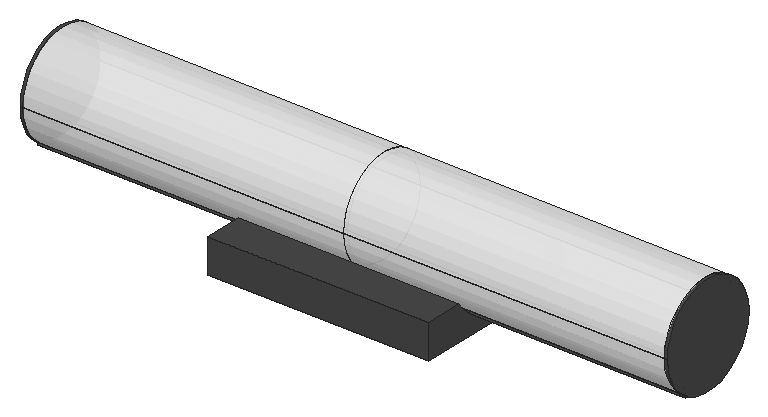
Revit family "3-5011-xx - Fugit (Vanity)", category Lighting Fixtures, host Face, Revit 2017
Family settings
  Host = Face
  Round Connector Dimension = Use Diameter
  Part Type = Normal
  Cut with Voids When Loaded = No
  Light Source = Yes
  Shared = No
  Room Calculation Point = No
Parameters (values of type "3-5011-15 - Fugit")
  Wattage Comments = "15.0 W at 120 V"  # constant formula
  Wattage = 15 W
  built-in parameter 1150110 = 1 (stored number, unit not read)
  Voltage Input [instance] = "120 V or 277 V - 50/60 Hz"  # constant formula
  URL = "www.oxygenlighting.com"
  built-in parameter 1114217 = 1 (stored number, unit not read)
  Tilt Angle = 180.00°  # constant formula
  built-in parameter 1150109 = 1 (stored number, unit not read)
  built-in parameter 1150134 = (empty or 0)
  built-in parameter 1150113 = 1 (stored number, unit not read)
  References [instance] = "Ref. 3 = 120 V / Ref. 37 = 277 V"  # constant formula
  Photometric Web File = "3-5011 Fugit.ies"
  Other 2 = none
  Other 1 = none
  Model = "3-5011-XX - Fugit"  # constant formula
  Metal Finish = 15 - Black
  Manufacturer = "Oxygen - Lighting & Fans"  # constant formula
  Main Diffuser = Matte White Acrylic
  built-in parameter 1150105 = 84.511 (stored number, unit not read)
  Lumens = 1062 lm
  built-in parameter 1150115 = 1 (stored number, unit not read)
  built-in parameter 1150137 = (empty or 0)
  built-in parameter 1150139 = (empty or 0)
  built-in parameter 1150112 = 1 (stored number, unit not read)
  built-in parameter 1150114 = 1 (stored number, unit not read)
  Lamp = "LED Array"  # constant formula
  built-in parameter 1150132 = (empty or 0)
  built-in parameter 1150102 = (empty or 0)
  built-in parameter 1150107 = 3000 (stored number, unit not read)
  built-in parameter 1150138 = (empty or 0)
  built-in parameter 1150106 = 0.84511 (stored number, unit not read)
  Emit from Rectangle Width = 12.00"  # constant formula
  Emit from Rectangle Length = 1.00"  # constant formula
  Emit Shape Visible in Rendering = no
  built-in parameter 1150104 = 6.5775 (stored number, unit not read)
  Dimming Lamp Color Temperature Shift = <None>
  Default Elevation = 0.00"
  Color Filter = 16777215
  built-in parameter 1114218 = 1 (stored number, unit not read)
  built-in parameter 1150133 = 10 (stored number, unit not read)
  2nd Diffuser = none
Types (4): name | Metal Finish
  (no name) | 15 - Black
  3-5011-15 - Fugit | 15 - Black
  3-5011-20 - Fugit | 20 - Polished Nickel
  3-5011-24 - Fugit | 24 - Satin Nickel
Reference planes (in)
  plane 1 "Center (Front/Back)": y = 0
  plane 2: z = 0
  plane 3 "Center (Left/Right)": x = 0
  plane 4 "M.C.": y = 0
  plane 5 "Light Source Height": y = 0
  plane 6 "Light Source Ext.": z = 1.5
Dimensions and locks (in)
  aligned and locked: plane 2 to host face
  aligned and locked: level to host face
  aligned and locked: imposter light to plane 5 "Light Source Height"
  aligned and locked: plane 6 "Light Source Ext." to imposter light
  aligned and locked: plane 3 "Center (Left/Right)" to imposter light
Nested families (in)
  nested 1: "Fugit 5011" at (0, 0, 0), type "Fugit 5011"
Definition of nested family "Fugit 5011"
  Parameters (values of type "Fugit 5011")
    Others 2 = none
    Others 1 = none
    Metal Finish = none
    Main Diffuser = none
    2nd Diffuser = none
  Reference planes (in)
    plane 1 "Center (Front/Back)": y = 0
    plane 2: z = 0
    plane 3 "Center (Left/Right)": x = 0
    plane 4 "Very Bottom": y = -5
    plane 5: z = 1.68803
  Forms (in)
    Extrusion 1, solid, material <- "Metal Finish"
      sketch origin (0, 0, 0) x (1, 0, 0) y (0, 1, 0)
        loop
          line (-3, -2.25) -> (3, -2.25) -> (3, 2.25) -> (-3, 2.25) -> (-3, -2.25)
      from 0 to 0.94
    Extrusion 2, void
      sketch origin (0, 0, 0) x (0, 1, 0) y (0, 0, 1)
        loop
          circle (0, 1.68803) r 1.41732
      from -8.09795 to 12
    Extrusion 3, solid, material <- "Main Diffuser"
      sketch origin (0, 0, 0) x (0, 1, 0) y (0, 0, 1)
        loop
          circle (0, 1.68803) r 1.37795
        loop
          circle (0, 1.68803) r 1.24795
      from 0 to 8.74
    Extrusion 4, solid, material <- "Metal Finish"
      sketch origin (0, 0, 0) x (0, 1, 0) y (0, 0, 1)
        loop
          line (-0.84833, 0.60217) -> (-0.8682, 0.56775)
          arc (-0.8682, 0.56775) -> (0, 0.27071) -> (0.8682, 0.56775) r 1.41732
          line (0.8682, 0.56775) -> (0.84833, 0.60217)
          arc (0.84833, 0.60217) -> (0, 0.31008) -> (-0.84833, 0.60217) r 1.37795
      from 0 to 8.74
    Extrusion 5, solid, material <- "Metal Finish"
      sketch origin (0, 0, 0) x (0, 1, 0) y (0, 0, 1)
        loop
          circle (0, 1.68803) r 1.37795
      from 8.74 to 8.82
    Extrusion 6, solid, material <- "Main Diffuser"
      sketch origin (0, 0, 0) x (0, 1, 0) y (0, 0, -1)
        loop
          circle (0, -1.68803) r 1.37795
        loop
          circle (0, -1.68803) r 1.24795
      from 0 to 8.74
    Extrusion 7, solid, material <- "Metal Finish"
      sketch origin (0, 0, 0) x (0, 1, 0) y (0, 0, -1)
        loop
          arc (-0.84833, -0.60217) -> (0, -0.31008) -> (0.84833, -0.60217) r 1.37795
          line (0.84833, -0.60217) -> (0.8682, -0.56775)
          arc (0.8682, -0.56775) -> (0, -0.27071) -> (-0.8682, -0.56775) r 1.41732
          line (-0.8682, -0.56775) -> (-0.84833, -0.60217)
      from 0 to 8.74
    Extrusion 8, solid, material <- "Metal Finish"
      sketch origin (0, 0, 0) x (0, 1, 0) y (0, 0, -1)
        loop
          circle (0, -1.68803) r 1.37795
      from 8.74 to 8.82
  Cuts and joins
    Extrusion 2 cuts Extrusion 1
    joined: Extrusion 3, Extrusion 6
    joined: Extrusion 4, Extrusion 7
  Lines and regions (in)
    model lines
      curve 1: line (-4, 0, 0) -> (4, 0, 0)
      curve 2: line (0, -4, 0) -> (0, 4, 0)
    symbolic lines
      curve 3: circle (0, 0, 0) r 2 normal (0, 0, 1)
    model lines, not visible
      curve 4: line (-13.0722, 21.77075, 0) -> (-5.0722, 21.77075, 0)
      curve 5: line (-9.0722, 17.77075, 0) -> (-9.0722, 25.77075, 0)
    symbolic lines, not visible
      curve 6: circle (-9.0722, 21.77075, 0) r 2 normal (0, 0, 1)
  Text (in)
    text "M.C." at (0.88973, 1.62995, 0), in view "Ref. Level"
    text "M.C." at (-8.18247, 23.4007, 0), in view "Ref. Level", not visible
  Dimensions and locks (in)
    aligned and locked: plane 2 to level
